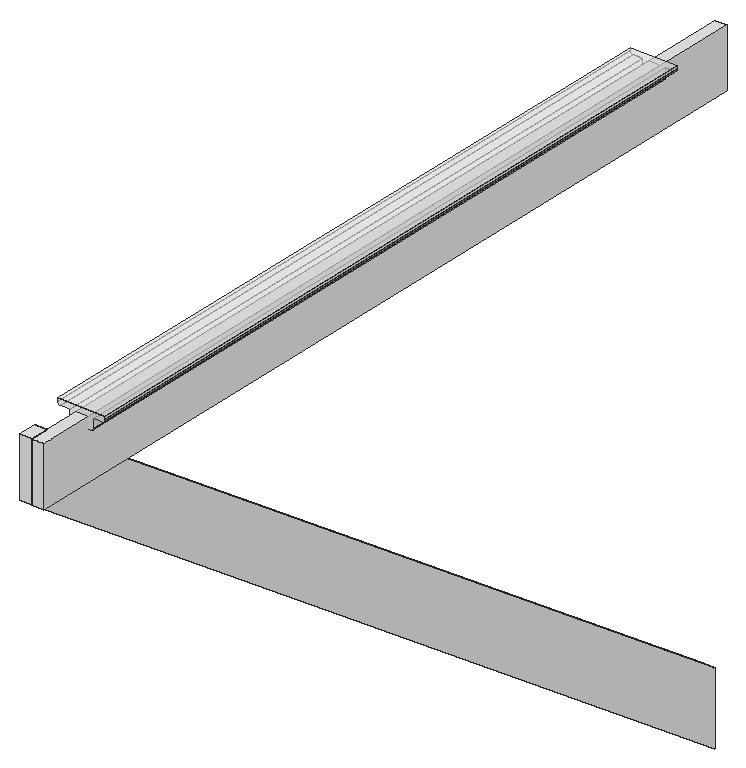
Revit family "Wall-Bracket-Desk_Rakks", category Specialty Equipment, Revit 2024
Family settings
  Round Connector Dimension = Use Diameter
  Part Type = Normal
  OmniClass Number = 23.40.50.31.11.14
  OmniClass Title = Display Racks
  Work Plane-Based = No
  Enable Cutting in Views = No
  Always vertical = Yes
  Cut with Voids When Loaded = No
  Maintain Annotation Orientation = No
  Shared = Yes
  Room Calculation Point = No
Parameters
  Warranty Duration (Years) = 0
  URL = "http://www.rakks.com/"
  Test Data = "http://www.rakks.com/pdfs/Rangine_Corporation_Leed_Statement.pdf"
  Specification = "http://www.arcat.com/sdspecs/htm/10670rak.htm"
  Shelf Attachment Plate Material = Plastic - Translucent
  Send Message = "http://www.arcat.com/users.pl?action=UserEmail&company=Rangine%20Corp.%20-%20Rakks&coid=35076&rep=116&fax=781-455-8702&mf="
  Sales Information = "http://store.rakks.com/"
  Revision = "R1_03-2010"
  Product Properties = "http://www.arcat.com/bim/bim_info.pl?fn=Shelving_Rakks"
  Product Data = "http://www.arcat.com/arcatcos/cos35/arc35076.html"
  Model = ""
  Material = Metal - Clear Anodized
  Manufacturer Website = "http://www.rakks.com/"
  Manufacturer Phone - Toll Free = "800-826-6006"
  Manufacturer Phone = "781-455-8700"
  Manufacturer Fax = "781-455-8702"
  Manufacturer Address = "330 Reservoir St., Needham, MA 02494"
  Manufacturer = "Rangine Corp. - Rakks"
  Maintenance Schedule (Months) = 0
  Keynote = "10 56 00"
  Installation-Fabrication = "http://www.rakks.com/literature/install.html"
  Installation Phase = ""
  Green Building-LEED = "http://www.arcat.com/green/clients/leed_data_35076.html"
  Expected Lifespan (Years) = 0
  Drawn By = "Robert S. Weygant, CSI, CDT, SCIP"
  Description = ""
  Default Elevation = 0' - 0"
  Copyright = "2010, ARCAT, Inc"
  Construction Details = "http://www.arcat.com/details/rangine/rangine.html?coid=35076"
  Capacity (Weight) = 0.00 lbf
  Building Codes = ""
  Assembly Code = "E1010500"
Reference planes (in)
  plane 1 "Back": y = 0
  plane 2: z = 0
  plane 3 "Center (Left/Right)": x = 0
  plane 4: z = -1.375
  plane 5: x = -0.125
  plane 6: x = 0.125
  plane 7: z = -0.125
Forms (in)
  Extrusion 1, solid, material "Metal - Clear Anodized" <- "Material"
    sketch origin (0, 0, -0.5821) x (0, 1, 0) y (0, 0, 1)
      loop
        line (0, 0.4571) -> (-18, 0.4571) -> (-18, -0.7929) -> (0, -0.7929) -> (0, 0.4571)
    from -0.125 to 0.125
  Extrusion 2, solid, material "Plastic - Translucent" <- "Shelf Attachment Plate Material"
    sketch origin (0, -18, 0) x (0, 0, 1) y (-1, 0, 0)
      loop
        line (-0.375, -0.125) -> (-0.375, -0.1875)
        arc (-0.375, -0.1875) -> (-0.35669, -0.23169) -> (-0.3125, -0.25) r 0.0625
        line (-0.3125, -0.25) -> (-0.125, -0.25) -> (-0.125, -0.4375)
        arc (-0.125, -0.4375) -> (-0.10669, -0.48169) -> (-0.0625, -0.5) r 0.0625
        line (-0.0625, -0.5) -> (0, -0.5) -> (0, 0.5) -> (-0.0625, 0.5)
        arc (-0.0625, 0.5) -> (-0.10669, 0.48169) -> (-0.125, 0.4375) r 0.0625
        line (-0.125, 0.4375) -> (-0.125, 0.25) -> (-0.3125, 0.25)
        arc (-0.3125, 0.25) -> (-0.35669, 0.23169) -> (-0.375, 0.1875) r 0.0625
        line (-0.375, 0.1875) -> (-0.375, 0.125) -> (-0.125, 0.125) -> (-0.125, -0.125) -> (-0.375, -0.125)
    from -1.15517 to -16.25
  Extrusion 3, solid, material "Metal - Clear Anodized" <- "Material"
    sketch origin (0, 0, -0.5821) x (0, 1, 0) y (0, 0, 1)
      loop
        line (-17.60854, 0.4571) -> (-18, 0.4571) -> (-18, -0.7929) -> (0, -13.2929) -> (0, -11.77105) -> (-17.60854, 0.4571)
    from -0.125 to -0.375
Dimensions and locks (in)
  equal spacing: plane 6, plane 3 "Center (Left/Right)", plane 5
  locked: plane 6 to plane 5 at 0.25
  level to plane 7 = 0' - 0 1/8"
  locked: plane 7 to plane 4 at 1.25
  locked: plane 1 "Back" to Extrusion 2 at 1.75
  aligned and locked: Extrusion 1 to plane 5
  aligned and locked: plane 6 to Extrusion 1
Automatic sketch dimensions
  Extrusion 1 sketch curve to plane 1 "Back" = 0' - 0"
  Extrusion 1 sketch curve to plane 4 = 0' - 0"
  Extrusion 2 sketch curve to plane 6 = 0' - 0"
  Extrusion 2 sketch curve to plane 5 = 0' - 0"
  Extrusion 2 sketch curve to plane 7 = 0' - 0"  (x3)
  Extrusion 2 sketch curve to level = 0' - 0"
  Extrusion 2 sketch curve to plane 5 = 0' - 0 1/16"
  Extrusion 2 sketch curve to plane 7 = 0' - 0 3/16"  (x2)
  plane 6 to Extrusion 2 sketch curve = 0' - 0 1/16"
  Extrusion 2 sketch curve to Extrusion 2 sketch curve = 0' - 0 1/16"  (x2)
  Extrusion 2 sketch curve to level = 0' - 0 1/16"  (x2)
  Extrusion 2 sketch curve to Extrusion 2 sketch curve = 0' - 0 3/16"  (x2)
  Extrusion 1 sketch curve to plane 7 = 0' - 0"
  Extrusion 3 sketch curve to plane 4 = 0' - 0"
  Extrusion 3 sketch curve to Extrusion 3 sketch curve = 0' - 1.52185"
  Extrusion 3 sketch curve to plane 1 "Back" = 0' - 0"
  Extrusion 3 sketch curve to plane 7 = 0' - 0"
  Extrusion 3 sketch curve to Extrusion 3 sketch curve = 0' - 0.39146"
  Extrusion 1 sketch curve to Extrusion 1 sketch curve = 1' - 6"
  plane 1 "Back" to Extrusion 3 sketch curve = 1' - 5.60854"
  Extrusion 3 sketch curve to plane 4 = 0' - 10.97815"
